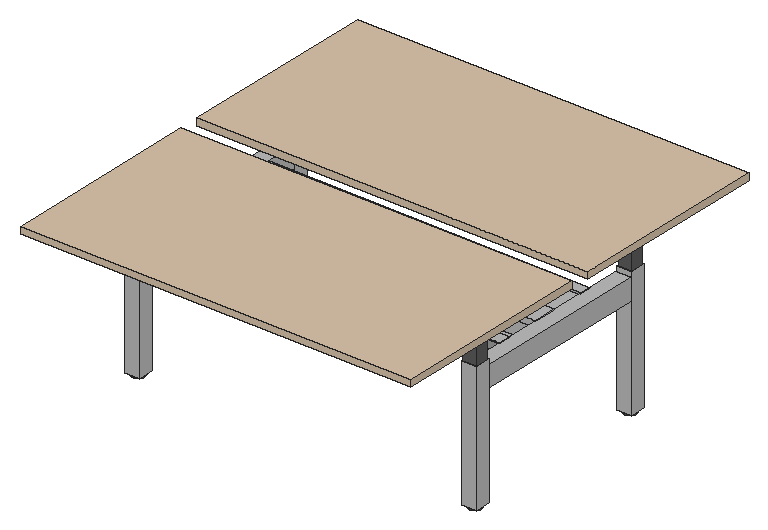
Revit family "Haworth_Planes_HeightAdjustBench_DualSided", category Furniture Systems, Revit 2018
Family settings
  Round Connector Dimension = Use Diameter
  Part Type = Normal
  OmniClass Number = 23.40.70.14.64.21
  OmniClass Title = Systems Furniture
  Work Plane-Based = No
  Always vertical = Yes
  Cut with Voids When Loaded = No
  Shared = No
  Room Calculation Point = No
Parameters (values of type "70w 36d - Electric Adjustment")
  Worksurface Distance = 3 5/8"  # constant formula
  Warranty = "https://www.haworth.com/resources/product-info/warranties"
  URL - Product = "https://www.haworth.com/products/tables/height-adjustable/planes"
  Trim Finish = Haworth _ Paint _ Metallic Champagne
  Table Finish [instance] = Haworth _ Laminate _ Maple H-AE
  Table Edge Finish [instance] = Haworth _ Laminate _ Maple H-AE
  Actual Overall Depth = (Actual Depth * 2) + Worksurface Distance  # 75 5/8"
  Standard Worksurface Depth = "23, 24, 29, 30, 35 & 36 in."  # constant formula
  Model = "TARA"  # constant formula
  Min. Overall Depth = 51"  # constant formula
  Min. Height = 27"  # constant formula
  Max. Overall Depth = 75"  # constant formula
  Max. Height = 46"  # constant formula
  Lever Depth = 12"  # constant formula
  Leg Side Offset = if(Actual Width < 47", 16 13/16", if(Actual Width < 53", 19 13/16", if(Actual Width < 59", 22 13/16", if(Actual Width < 65", 25 13/16", 28 13/16"))))  # 28 13/16"
  Leg Offset = if(Actual Depth < 35", 10", 16")  # 16"
  Leg Finish [instance] = Haworth _ Paint _ Metallic Champagne
  Knife Edge = not(Edgeband)  # no
  J-Rail Width = Leg Side Offset * 2  # 57 5/8"
  J-Rail Height = 22 5/8"  # constant formula
  Height = 31"
  Hand Crank = no
  Gap Depth = Worksurface Distance / 2  # 1 13/16"
  Electric Adjustment = yes
  Edgeband = yes
  Description = "Haworth - Planes HAT Bench - Dual-Sided - 70w 36d - Electric Adjustment"
  Width = 70"
  URL = "www.haworth.com"
  Table Thickness = 1 3/16"  # constant formula
  Size = "Verify Final Dim. w/ Haworth"  # constant formula
  Revision Number = "2"  # constant formula
  Min/Max Width = "46-70 in. @ 6 in. increment"  # constant formula
  Standard Overall Depth = "51, 63, 75 in."  # constant formula
  Min. Width = 46"  # constant formula
  Max. Width = 70"  # constant formula
  Min. Depth = 23"  # constant formula
  Max. Depth = 36"  # constant formula
  Manufacturer = "Haworth"  # constant formula
  Leg Height = Actual Height - Table Thickness  # 29 13/16"
  Depth = 36"
  Custom Size = not(and(or(Depth = 23", Depth = 24", Depth = 29", Depth = 30", Depth = 35", Depth = 36"), or(Width = 46", Width = 52", Width = 58", Width = 64", Width = 70")))  # no
  Crank Offset = 13 1/8"  # constant formula
  Box Body Finish = Haworth _ Paint _ Black
  Base Tube Finish = Haworth _ Paint _ Black
  Author = "Haworth (Hampton, Alias)"  # constant formula
  Assembly Code = "E2020200"
  Actual Width = if(Width < Min. Width, Min. Width, if(Width > Max. Width, Max. Width, Width))  # 70"
  Actual Height = if(Height > Max. Height, Max. Height, if(Height < Min. Height, Min. Height, Height))  # 31"
  Actual Depth = if(Depth > Max. Depth, Max. Depth, if(Depth < Min. Depth, Min. Depth, Depth))  # 36"
Types (4): name | Actual Overall Depth | Leg Side Offset | Leg Offset | J-Rail Width | Hand Crank | Electric Adjustment | Description | Width | Depth | Actual Width | Actual Depth
  70w 36d - Electric Adjustment | 75 5/8" | 28 13/16" | 16" | 57 5/8" | no | yes | "Haworth - Planes HAT Bench - Dual-Sided - 70w 36d - Electric Adjustment" | 70" | 36" | 70" | 36"
  70w 36d - Crank Adjustment | 75 5/8" | 28 13/16" | 16" | 57 5/8" | yes | no | "Haworth - Planes HAT Bench - Dual-Sided - 70w 36d - Crank Adjustment" | 70" | 36" | 70" | 36"
  46w 24d - Crank Adjustment | 51 5/8" | 16 13/16" | 10" | 33 5/8" | yes | no | "Haworth - Planes HAT Bench - Dual-Sided - 46w 24d - Crank Adjustment" | 46" | 24" | 46" | 24"
  58w 30d - Electric Adjustment | 63 5/8" | 22 13/16" | 10" | 45 5/8" | no | yes | "Haworth - Planes HAT Bench - Dual-Sided - 58w 30d - Electric Adjustment" | 58" | 30" | 58" | 30"
Reference planes (in)
  plane 1 "Bottom": z = 0
  plane 2 "Top": z = 31
  plane 3 "Top Bottom": z = 29.8125
  plane 4 "Support Top": z = 22.625
  plane 5 "Left End": x = -24.33391
  plane 6 "Right End": x = 45.66609
  plane 7: x = -20.58391
  plane 8: x = -18.45891
  plane 9 "Center FB": y = 7.37456
  plane 10: y = 9.18706
  plane 11 "Electric Back": y = 43.18706
  plane 12: y = 5.56206
  plane 13 "Electric Front": y = -28.43794
  plane 14 "Left Leg L": x = -20.89641
  plane 15 "Left Leg R": x = -18.14641
  plane 16 "Right Leg R": x = 42.22859
  plane 17 "Right Leg L": x = 39.47859
  plane 18 "Center LR": x = 10.66609
  plane 19: x = 41.91609
  plane 20: x = 39.79109
  plane 21 "Support Bottom": z = 18.875
  plane 22 "Leg Back": y = 23.37456
  plane 23 "Leg Front": y = -8.62544
  plane 24 "Front Edge": y = -30.43794
  plane 25 "Back Edge": y = 45.18706
Forms (in)
  Extrusion 1, solid, material "Haworth _ Paint _ Black" <- "Box Body Finish", visible <- "Electric Adjustment"
    sketch origin (4.36905, -13.93794, 2) x (0, 1, 0) y (0, 0, 1)
      loop
        line (-14.5, 27.8125) -> (-15.18347, 27.12903) -> (-15.09644, 27.04201) -> (-14.79741, 27.34104) -> (-13.40608, 27.34104) -> (-13.40608, 27.8125) -> (-14.5, 27.8125)
    from 35.42204 to 37.54704
  Extrusion 2, solid, material "Haworth _ Paint _ Black" <- "Box Body Finish", visible <- "Electric Adjustment"
    sketch origin (14.5526, 31.68706, 2) x (0, -1, 0) y (0, 0, 1)
      loop
        line (-11.5, 27.8125) -> (-12.18347, 27.12903) -> (-12.09644, 27.04201) -> (-11.79741, 27.34104) -> (-10.40608, 27.34104) -> (-10.40608, 27.8125) -> (-11.5, 27.8125)
    from 33.01151 to 35.13651
  Extrusion 3, solid, material "Haworth _ Paint _ Metallic Champagne" <- "Leg Finish"
    sketch origin (0, -16.10156, -1) x (-1, 0, 0) y (0, 0, -1)
      loop
        line (-39.47859, -19.875) -> (-42.22859, -19.875) -> (-42.22859, -23.625) -> (-39.47859, -23.625) -> (-39.47859, -19.875)
    from -39.47612 to -7.47612
  Extrusion 4, solid, material "Haworth _ Paint _ Metallic Champagne" <- "Leg Finish"
    sketch origin (0, 0, -4.6785) x (1, 0, 0) y (0, 1, 0)
      loop
        line (-20.89641, 23.37456) -> (-20.89641, -8.62544) -> (-18.14641, -8.62544) -> (-18.14641, 23.37456) -> (-20.89641, 23.37456)
    from 23.5535 to 27.3035
  Extrusion 5, solid, material "Haworth _ Paint _ Black" <- "Box Body Finish", visible <- "Electric Adjustment", not visible
    sketch origin (-4.44345, -16.98158, -0.01135) x (0, 1, 0) y (0, 0, 1)
      loop
        line (-14.5, 27.8125) -> (-15.18347, 27.12903) -> (-15.09644, 27.04201) -> (-14.79741, 27.34104) -> (-13.40608, 27.34104) -> (-13.40608, 27.8125) -> (-14.5, 27.8125)
    from 35.42204 to 37.54704
  Extrusion 6, solid, material "Haworth _ Paint _ Black" <- "Box Body Finish", visible <- "Electric Adjustment", not visible
    sketch origin (11.3651, 16.96848, 0.00477) x (0, -1, 0) y (0, 0, 1)
      loop
        line (-11.5, 27.8125) -> (-12.18347, 27.12903) -> (-12.09644, 27.04201) -> (-11.79741, 27.34104) -> (-10.40608, 27.34104) -> (-10.40608, 27.8125) -> (-11.5, 27.8125)
    from 33.01151 to 35.13651
Lines and regions (in)
  symbolic lines, style "Haworth Hidden", visible <- "Electric Adjustment", detail levels medium+fine
    curve 1: line (-20.58391, 43.87052, 0) -> (-18.45891, 43.87052, 0)
    curve 2: line (-20.58391, 42.09314, 0) -> (-20.58391, 43.87052, 0)
    curve 3: line (-18.45891, 42.09314, 0) -> (-20.58391, 42.09314, 0)
    curve 4: line (-18.45891, 43.87052, 0) -> (-18.45891, 42.09314, 0)
    curve 5: line (39.79109, -27.34402, 0) -> (41.91609, -27.34402, 0)
    curve 6: line (39.79109, -29.12141, 0) -> (39.79109, -27.34402, 0)
    curve 7: line (41.91609, -29.12141, 0) -> (39.79109, -29.12141, 0)
    curve 8: line (41.91609, -27.34402, 0) -> (41.91609, -29.12141, 0)
Dimensions and locks (in)
  "Actual Height": plane 2 "Top" to level
  "Table Thickness": plane 2 "Top" to plane 3 "Top Bottom"
  "Actual Width": plane 5 "Left End" to plane 6 "Right End"
  "Gap Depth": plane 10 to plane 9 "Center FB"
  "Gap Depth": plane 9 "Center FB" to plane 12
  equal spacing: plane 5 "Left End", plane 18 "Center LR", plane 6 "Right End"
  "Leg Offset": plane 22 "Leg Back" to plane 9 "Center FB"
  "Leg Offset": plane 9 "Center FB" to plane 23 "Leg Front"
  "Leg Side Offset": plane 15 "Left Leg R" to plane 18 "Center LR"
  "Leg Side Offset": plane 18 "Center LR" to plane 17 "Right Leg L"
  "Actual Depth": plane 25 "Back Edge" to plane 10
  "Actual Depth": plane 24 "Front Edge" to plane 12
  locked: plane 24 "Front Edge" to plane 13 "Electric Front" at 2
  locked: plane 25 "Back Edge" to plane 11 "Electric Back" at 2
  plane 14 "Left Leg L" to plane 7 to plane 8 to plane 15 "Left Leg R" = 5/16" locked, 2 1/8" locked, 5/16" locked
  plane 17 "Right Leg L" to plane 20 to plane 19 to plane 16 "Right Leg R" = 5/16" locked, 2 1/8" locked, 5/16" locked
  locked: plane 4 "Support Top" to plane 21 "Support Bottom" at 3.75
  "J-Rail Height": plane 4 "Support Top" to plane 1 "Bottom"
  aligned and locked: Extrusion 2 to plane 7
  aligned and locked: plane 8 to Extrusion 2
  aligned and locked: Extrusion 1 to plane 13 "Electric Front"
  aligned and locked: plane 11 "Electric Back" to Extrusion 2
  aligned and locked: plane 15 "Left Leg R" to Extrusion 4
  aligned and locked: Extrusion 4 to plane 14 "Left Leg L"
  aligned and locked: plane 17 "Right Leg L" to Extrusion 3
  aligned and locked: plane 16 "Right Leg R" to Extrusion 3
  aligned and locked: plane 20 to Extrusion 1
  aligned and locked: Extrusion 1 to plane 19
  aligned and locked: plane 7 to Extrusion 2  (x2)
  aligned and locked: Extrusion 2 to plane 8  (x2)
  aligned and locked: plane 19 to Extrusion 1
  aligned and locked: Extrusion 1 to plane 20
  aligned and locked: plane 4 "Support Top" to Extrusion 3
  aligned and locked: Extrusion 4 to Extrusion 3
  aligned and locked: plane 1 "Bottom" to nested 2
  aligned and locked: plane 1 "Bottom" to nested 1
  aligned and locked: plane 18 "Center LR" to nested 2
  aligned and locked: plane 9 "Center FB" to nested 2
  aligned and locked: plane 21 "Support Bottom" to Extrusion 3
  aligned and locked: nested 3 to plane 1 "Bottom"
  aligned and locked: nested 4 to plane 1 "Bottom"
  aligned and locked: plane 22 "Leg Back" to Extrusion 3
  aligned and locked: plane 23 "Leg Front" to Extrusion 3
  aligned and locked: plane 22 "Leg Back" to Extrusion 4
  aligned and locked: plane 23 "Leg Front" to Extrusion 4
  aligned and locked: plane 1 "Bottom" to nested 5
  aligned and locked: plane 4 "Support Top" to Extrusion 4
  aligned and locked: plane 1 "Bottom" to nested 6
  aligned and locked: nested 6 to plane 12
  aligned and locked: nested 7 to plane 1 "Bottom"
  aligned and locked: plane 10 to nested 7
  aligned and locked: nested 7 to plane 18 "Center LR"
  aligned and locked: plane 18 "Center LR" to nested 6
  aligned and locked: nested 1 to plane 23 "Leg Front"
  aligned and locked: plane 23 "Leg Front" to nested 3
  aligned and locked: nested 5 to plane 22 "Leg Back"
  aligned and locked: plane 22 "Leg Back" to nested 4
  aligned and locked: plane 17 "Right Leg L" to nested 3
  aligned and locked: plane 15 "Left Leg R" to nested 1
  aligned and locked: nested 5 to plane 17 "Right Leg L"
  aligned and locked: nested 4 to plane 15 "Left Leg R"
  aligned and locked: curve 1 to Extrusion 2
  aligned and locked: curve 2 to Extrusion 2
  aligned and locked: curve 3 to Extrusion 2
  aligned and locked: curve 4 to Extrusion 2
  aligned and locked: curve 5 to Extrusion 1
  aligned and locked: curve 6 to Extrusion 1
  aligned and locked: curve 7 to Extrusion 1
  aligned and locked: curve 8 to Extrusion 1
  aligned and locked: plane 3 "Top Bottom" to Extrusion 1
  aligned and locked: plane 3 "Top Bottom" to Extrusion 2
Automatic sketch dimensions
  Extrusion 1 sketch curve to Extrusion 1 sketch curve = 0.29903"
  Extrusion 1 sketch curve to Extrusion 1 sketch curve = 0.08703"
  Extrusion 1 sketch curve to Extrusion 1 sketch curve = 0.47146"
  Extrusion 2 sketch curve to Extrusion 2 sketch curve = 0.29903"
  Extrusion 2 sketch curve to Extrusion 2 sketch curve = 0.08703"
  Extrusion 2 sketch curve to Extrusion 2 sketch curve = 0.47146"
  Extrusion 1 sketch curve to Extrusion 1 sketch curve = 1.09392"
  Extrusion 2 sketch curve to Extrusion 2 sketch curve = 1.09392"
  Extrusion 1 sketch curve to Extrusion 1 sketch curve = 0.29741"
  Extrusion 5 sketch curve to Extrusion 5 sketch curve = 0.29903"
  Extrusion 5 sketch curve to Extrusion 5 sketch curve = 0.08703"
  Extrusion 5 sketch curve to Extrusion 5 sketch curve = 0.47146"
  Extrusion 5 sketch curve to Extrusion 5 sketch curve = 1.09392"
  Extrusion 5 sketch curve to Extrusion 5 sketch curve = 0.29741"
  Extrusion 2 sketch curve to Extrusion 2 sketch curve = 0.29741"
  Extrusion 6 sketch curve to Extrusion 6 sketch curve = 0.29903"
  Extrusion 6 sketch curve to Extrusion 6 sketch curve = 0.08703"
  Extrusion 6 sketch curve to Extrusion 6 sketch curve = 0.47146"
  Extrusion 6 sketch curve to Extrusion 6 sketch curve = 1.09392"
  Extrusion 6 sketch curve to Extrusion 6 sketch curve = 0.29741"
  Extrusion 3 sketch curve to plane 16 "Right Leg R" = 0"
  Extrusion 3 sketch curve to plane 4 "Support Top" = 0"
  plane 17 "Right Leg L" to Extrusion 3 sketch curve = 0"
  Extrusion 4 sketch curve to plane 14 "Left Leg L" = 0"
  Extrusion 4 sketch curve to plane 15 "Left Leg R" = 0"
  plane 10 to Extrusion 4 sketch curve = 14 3/16"
  plane 12 to Extrusion 4 sketch curve = 14 3/16"
  Extrusion 3 sketch curve to plane 21 "Support Bottom" = 0"
Nested families (in)
  nested 1: "Haworth_Support-Height_Adjustable_Leg_Centered_Part" at (-19.52141, -10.00044, 0), type "Leg w/o Crank"
    with Leg Height 29 13/16"
  nested 2: "Haworth_Planes_J-Rail_Part" at (0, 0, 0), type "J Rail"
    with Actual Width 57 5/8", Actual Height 22 5/8"
  nested 3: "Haworth_Support-Height_Adjustable_Leg_Centered_Part" at (40.85359, -10.00044, 0) x (-1, 0, 0) z (0, 0, 1), type "Leg w/ Crank"
    with Lever Depth 12", Leg Height 29 13/16", Crank Offset 13 1/8"
  nested 4: "Haworth_Support-Height_Adjustable_Leg_Centered_Part" at (-19.52141, 24.74956, 0), type "Leg w/ Crank"
    with Lever Depth 12", Leg Height 29 13/16", Crank Offset 13 1/8"
  nested 5: "Haworth_Support-Height_Adjustable_Leg_Centered_Part" at (40.85359, 24.74956, 0) x (-1, 0, 0) z (0, 0, 1), type "Leg w/o Crank"
    with Leg Height 29 13/16"
  nested 6: "Haworth_Planes_Worksurface_Rectangular_Part" at (10.66609, -27.43794, 0), type "Worksurface"
    with Actual Width 70", Actual Height 31", Actual Depth 36"
  nested 7: "Haworth_Planes_Worksurface_Rectangular_Part" at (10.66609, 42.18706, 0), type "Worksurface"
    with Actual Width 70", Actual Height 31", Actual Depth 36"
Definition of nested family "Haworth_Support-Height_Adjustable_Leg_Centered_Part"
  Parameters (values of type "Leg w/ Crank")
    URL = "www.haworth.com"
    Trim Finish = none
    Top Support Front = 7 3/4"  # constant formula
    Top Support Back = 7 3/4"  # constant formula
    Note = "Verify Final Dim. w/ Haworth"  # constant formula
    Manufacturer = "Haworth"  # constant formula
    Lever Depth = 8"
    Leg Height = 27 13/16"
    Leg Finish = none
    Hardware Finish = none
    Glide Finish = none
    Crank Offset = 11 1/8"
    Crank = no
    Base Tube Finish = none
    Assembly Code = ""
  Reference planes (in)
    plane 1 "Center (Front/Back)": y = 0
    plane 2 "Bottom": z = 0
    plane 3 "Center (Left/Right)": x = 0
    plane 4 "Bottom of Top": z = 27.8125
    plane 5: z = 0.375
    plane 6: x = 1.375
    plane 7: x = -1.375
    plane 8: x = -1.5
    plane 9 "Support Bottom": z = 25.1875
    plane 10: z = 27.5
    plane 11: y = -7.75
    plane 12 "Top of Leg": z = 23.5
    plane 13: y = 7.75
    plane 14: y = 1.375
    plane 15: y = -1.375
    plane 16 "Crank Offset": y = -11.125
  Forms (in)
    Extrusion 1, solid, material <- "Leg Finish"
      sketch origin (0, 0, 2.5625) x (-1, 0, 0) y (0, -1, 0)
        loop
          line (1.375, -1.375) -> (1.375, 1.375) -> (-1.375, 1.375) -> (-1.375, -1.375) -> (1.375, -1.375)
      from -2.1875 to 20.9375
    Extrusion 2, solid, material <- "Leg Finish"
      sketch origin (-1.375, -19.87459, 48) x (0, -1, 0) y (0, 0, -1)
        loop
          line (-12.12459, 20.1875) -> (-12.12459, 20.5) -> (-17.12459, 22.8125) -> (-22.62459, 22.8125) -> (-27.62459, 20.5) -> (-27.62459, 20.1875) -> (-12.12459, 20.1875)
      from 0 to -0.125
    Extrusion 3, solid, material <- "Base Tube Finish"
      sketch origin (0, 0, 2.5625) x (-1, 0, 0) y (0, -1, 0)
        loop
          line (1.1875, -1.1875) -> (1.1875, 1.1875) -> (-1.1875, 1.1875) -> (-1.1875, -1.1875) -> (1.1875, -1.1875)
      from 20.9375 to 25.25
    Extrusion 4, solid, material <- "Glide Finish"
      sketch origin (0, 0, 0) x (1, 0, 0) y (0, 1, 0)
        loop
          circle (0, 0) r 1.12816
      from 0 to 0.375
  Lines and regions (in)
    symbolic lines, detail levels medium+fine
      curve 1: line (-1.375, 1.375, 0) -> (1.375, 1.375, 0)
      curve 2: line (-1.375, -1.375, 0) -> (-1.375, 1.375, 0)
      curve 3: line (1.375, -1.375, 0) -> (-1.375, -1.375, 0)
      curve 4: line (1.375, 1.375, 0) -> (1.375, -1.375, 0)
  Dimensions and locks (in)
    "Leg Height": plane 4 "Bottom of Top" to level
    level to plane 5 = 3/8"
    locked: plane 7 to plane 6 at 2.75
    locked: plane 8 to plane 3 "Center (Left/Right)" at 1.5
    equal spacing: plane 7, plane 3 "Center (Left/Right)", plane 6
    locked: plane 4 "Bottom of Top" to plane 9 "Support Bottom" at 2.625
    plane 12 "Top of Leg" to level = 23 1/2"
    "Top Support Front": plane 11 to plane 1 "Center (Front/Back)"
    "Top Support Back": plane 1 "Center (Front/Back)" to plane 13
    locked: plane 4 "Bottom of Top" to plane 10 at 0.3125
    equal spacing: plane 14, plane 1 "Center (Front/Back)", plane 15
    locked: plane 14 to plane 15 at 2.75
    locked: plane 12 "Top of Leg" to plane 2 "Bottom" at 23.5
    locked: Extrusion 3 sketch curve to plane 14 at 0.1875
    locked: Extrusion 3 sketch curve to plane 15 at 0.1875
    locked: Extrusion 3 sketch curve to plane 6 at 0.1875
    locked: plane 7 to Extrusion 3 sketch curve at 0.1875
    "Crank Offset": plane 1 "Center (Front/Back)" to plane 16 "Crank Offset"
    aligned and locked: plane 7 to Extrusion 1 sketch curve
    aligned and locked: Extrusion 1 sketch curve to plane 6
    aligned: plane 4 "Bottom of Top" to Extrusion 1
    aligned and locked: Extrusion 2 sketch curve to plane 4 "Bottom of Top"
    aligned and locked: plane 4 "Bottom of Top" to Extrusion 3
    aligned and locked: plane 5 to Extrusion 1
    aligned and locked: Extrusion 2 to plane 11
    aligned and locked: plane 13 to Extrusion 2 sketch curve
    aligned and locked: plane 10 to Extrusion 2 sketch curve  (x2)
    aligned and locked: curve 4 to plane 6
    aligned and locked: plane 7 to curve 2
    aligned and locked: plane 7 to Extrusion 2
    aligned and locked: Extrusion 2 to plane 8
    aligned and locked: Extrusion 4 to plane 5
    aligned and locked: Extrusion 1 to plane 5
    aligned and locked: plane 12 "Top of Leg" to Extrusion 1
    aligned and locked: Extrusion 3 to plane 12 "Top of Leg"
    aligned and locked: Extrusion 1 sketch curve to plane 14
    aligned and locked: plane 15 to Extrusion 1 sketch curve
    aligned and locked: nested 1 to plane 16 "Crank Offset"
    aligned and locked: plane 3 "Center (Left/Right)" to nested 1
    aligned and locked: plane 9 "Support Bottom" to Extrusion 2 sketch curve
  Automatic sketch dimensions
    plane 3 "Center (Left/Right)" to Extrusion 4 sketch curve = 0"
    plane 1 "Center (Front/Back)" to Extrusion 4 sketch curve = 0"
    plane 1 "Center (Front/Back)" to curve 3 = 1 3/8"
    curve 2 to plane 1 "Center (Front/Back)" = 1 3/8"
    Extrusion 2 sketch curve to plane 11 = 0"
    Extrusion 2 sketch curve to plane 14 = 1 3/8"
    plane 15 to Extrusion 2 sketch curve = 1 3/8"
    radius of Extrusion 4 sketch curve = 1.12816"
  Nested families (in)
    nested 1: "Haworth_Planes-HAT-Crank_Part" at (0, -14.72244, 27.8125), built-in parameter 1001364 <- "Leg Height", visible <- "Crank", type "Crank"
      with Bracket Width 1 1/4"
  Definition of nested family "Haworth_Planes-HAT-Crank_Part"
    Parameters (values of type "Crank")
      Trim Finish = none
      Support Finish = none
      Lever Depth = 8"
      Hardware Finish = none
      Bracket Width [instance] = 1 1/4"  # constant formula
      Assembly Code = ""
    Reference planes (in)
      plane 1: z = 0
      plane 2 "Center L/R": x = 0
      plane 3 "Left": x = -0.625
      plane 4 "Right": x = 0.625
      plane 5 "Bar Front": y = 6.72736
      plane 6 "Bar Back": y = 14.72736
      plane 7 "Crank Back": y = 6.09744
      plane 8 "Crank Front": y = 5.59744
      plane 9 "Knob Front": y = 3.59744
      plane 10 "Knob Middle": z = -5.57716
      plane 11 "Bar Middle": z = -1.24016
    Forms (in)
      Extrusion 1, solid, material <- "Support Finish"
        sketch origin (0, 0, 0) x (0, 1, 0) y (0, 0, 1)
          loop
            line (5.47112, 0) -> (5.47112, -0.125) -> (6.74381, -0.125) -> (6.74381, -1.875) -> (9.49381, -1.875) -> (9.49381, -0.125) -> (13.57086, -0.125) -> (13.57086, -1.875) -> (14.94586, -1.875) -> (14.94586, -1.75) -> (13.69586, -1.75) -> (13.69586, 0) -> (9.36881, 0) -> (9.36881, -1.75) -> (6.86881, -1.75) -> (6.86881, 0) -> (5.47112, 0)
        from -0.625 to 0.625
      Extrusion 2, solid, material <- "Hardware Finish"
        sketch origin (0, 6.09744, 0) x (0, 0, -1) y (1, 0, 0)
          loop
            line (1.24016, -0.43307) -> (5.58894, -0.28152)
            arc (5.58894, -0.28152) -> (5.86265, 0.00389) -> (5.58109, 0.28155) r 0.28159
            line (5.58109, 0.28155) -> (1.24016, 0.43307)
            arc (1.24016, 0.43307) -> (0.80709, 0) -> (1.24016, -0.43307) r 0.43307
        from 0 to 0.5
      Revolve 3, solid, material <- "Trim Finish"
        sketch origin (0, 0, 0) x (0, 1, 0) y (0, 0, 1)
          loop
            line (5.59744, -5.57716) -> (5.59744, -5.2397) -> (4.79831, -5.15571) -> (3.59744, -5.15571) -> (3.59744, -5.57716) -> (5.59744, -5.57716)
          axis (3.59744, -5.57716) -> (5.59744, -5.57716)
        angle from 0 to 360
      Revolve 4, solid, material <- "Hardware Finish"
        sketch origin (0, 0, 0) x (0, 1, 0) y (0, 0, 1)
          loop
            line (6.09744, -0.80709) -> (6.09744, -1.24016) -> (6.72736, -1.24016) -> (6.72736, -0.90551) -> (6.58317, -0.83827) -> (6.09744, -0.80709)
          axis (6.09744, -1.24016) -> (6.72736, -1.24016)
        angle from 0 to 360
      Extrusion 5, solid, material <- "Hardware Finish"
        sketch origin (0, 6.09744, 0) x (0, 0, -1) y (1, 0, 0)
          loop
            circle (1.24016, 0) r 0.25
        from -8.62992 to -0.62992
    Lines and regions (in)
      symbolic lines, detail levels medium+fine
        curve 1: line (0.42145, 3.59744, 0) -> (0.42145, 4.79831, 0)
        curve 2: line (0.42145, 4.79831, 0) -> (0.28155, 5.59744, 0)
        curve 3: line (0.28155, 5.59744, 0) -> (0.28155, 14.72736, 0)
        curve 4: line (-0.42145, 3.59744, 0) -> (-0.42145, 4.79831, 0)
        curve 5: line (-0.42145, 4.79831, 0) -> (-0.28155, 5.59744, 0)
        curve 6: line (-0.28155, 5.59744, 0) -> (-0.28155, 14.72736, 0)
        curve 7: line (-0.42145, 3.59744, 0) -> (0.42145, 3.59744, 0)
        curve 8: line (-0.28155, 14.72736, 0) -> (0.28155, 14.72736, 0)
    Dimensions and locks (in)
      equal spacing: plane 3 "Left", plane 2 "Center L/R", plane 4 "Right"
      "Bracket Width": plane 3 "Left" to plane 4 "Right"
      "Lever Depth": plane 5 "Bar Front" to plane 6 "Bar Back"
      locked: plane 7 "Crank Back" to plane 5 "Bar Front" at 0.62992
      locked: plane 8 "Crank Front" to plane 7 "Crank Back" at 0.5
      locked: plane 9 "Knob Front" to plane 8 "Crank Front" at 2
      aligned and locked: level to plane 1
      aligned and locked: Extrusion 1 to plane 3 "Left"
      aligned and locked: Extrusion 1 to plane 4 "Right"
      aligned and locked: Extrusion 2 to plane 7 "Crank Back"
      aligned and locked: plane 8 "Crank Front" to Extrusion 2
      aligned and locked: Revolve 3 sketch curve to plane 10 "Knob Middle"
      aligned and locked: Revolve 4 sketch curve to plane 11 "Bar Middle"
      aligned and locked: plane 5 "Bar Front" to Extrusion 5
      aligned and locked: Extrusion 5 to plane 6 "Bar Back"
      aligned and locked: plane 6 "Bar Back" to curve 8
    Automatic sketch dimensions
      Extrusion 5 sketch curve to plane 2 "Center L/R" = 0"
      Extrusion 5 sketch curve to plane 11 "Bar Middle" = 0"
      Extrusion 1 sketch curve to level = 0"  (x2)
      plane 8 "Crank Front" to Extrusion 1 sketch curve = 0.12632"
      Extrusion 1 sketch curve to plane 5 "Bar Front" = 0.01645"
      Extrusion 1 sketch curve to plane 5 "Bar Front" = 0.14145"
      Extrusion 1 sketch curve to plane 11 "Bar Middle" = 0.50984"
      Extrusion 1 sketch curve to Extrusion 1 sketch curve = 2 1/2"
      Extrusion 1 sketch curve to Extrusion 1 sketch curve = 1/8"  (x4)
      Extrusion 1 sketch curve to plane 11 "Bar Middle" = 0.63484"
      Extrusion 1 sketch curve to Extrusion 1 sketch curve = 4.07706"
      Extrusion 1 sketch curve to Extrusion 1 sketch curve = 1 1/4"
      Extrusion 1 sketch curve to level = 1/8"  (x2)
      Extrusion 2 sketch curve to plane 11 "Bar Middle" = 0"
      Extrusion 2 sketch curve to plane 10 "Knob Middle" = 1/256"
      Extrusion 2 sketch curve to plane 10 "Knob Middle" = 0.01178"
      plane 3 "Left" to Extrusion 2 sketch curve = 0.19193"
      Extrusion 2 sketch curve to plane 2 "Center L/R" = 0.28152"
      Extrusion 2 sketch curve to plane 2 "Center L/R" = 0.00004"
      Extrusion 2 sketch curve to plane 2 "Center L/R" = 0"
      Revolve 3 sketch curve to plane 9 "Knob Front" = 0"
      Revolve 3 sketch curve to plane 8 "Crank Front" = 0"
      Revolve 3 sketch curve to plane 10 "Knob Middle" = 0"
      plane 9 "Knob Front" to Revolve 3 sketch curve = 0.27802"
      plane 8 "Crank Front" to Revolve 3 sketch curve = 0.79913"
      plane 5 "Bar Front" to Revolve 3 sketch curve = 0.14411"
      Revolve 3 sketch curve to Revolve 3 sketch curve = 0.33746"
      plane 10 "Knob Middle" to Revolve 3 sketch curve = 0.42145"
      Revolve 4 sketch curve to plane 8 "Crank Front" = 0"
      Revolve 4 sketch curve to plane 7 "Crank Back" = 0"
      Revolve 4 sketch curve to plane 5 "Bar Front" = 0"
      Revolve 4 sketch curve to plane 11 "Bar Middle" = 0"
      plane 5 "Bar Front" to Revolve 4 sketch curve = 0.14419"
      Revolve 4 sketch curve to plane 6 "Bar Back" = 1.79885"
      Revolve 4 sketch curve to Revolve 4 sketch curve = 0.33465"
      Revolve 4 sketch curve to Revolve 4 sketch curve = 0.06724"
      Revolve 4 sketch curve to Revolve 4 sketch curve = 0.43307"
      plane 9 "Knob Front" to curve 7 = 0"
      plane 8 "Crank Front" to curve 6 = 0"
      plane 8 "Crank Front" to curve 2 = 0"
      plane 3 "Left" to curve 5 = 0.20355"
      curve 6 to plane 2 "Center L/R" = 0.28155"
      plane 2 "Center L/R" to curve 2 = 0.28155"
      plane 4 "Right" to curve 7 = 0.20355"
      plane 8 "Crank Front" to curve 5 = 0.79913"
      plane 8 "Crank Front" to curve 2 = 0.79913"
      radius of Extrusion 5 sketch curve = 1/4"
Definition of nested family "Haworth_Planes_J-Rail_Part"
  Parameters (values of type "J Rail")
    Warranty = "https://www.haworth.com/resources/product-info/warranties"
    URL - Product = "https://www.haworth.com/products/tables/height-adjustable/planes"
    Model = "Haworth Planes"  # constant formula
    Leg Finish = none
    Description = "Haworth J-Rail - Part"
    URL = "www.haworth.com"
    Size = "Verify Final Dim. w/ Haworth"  # constant formula
    Revision Number = "1"  # constant formula
    Manufacturer = "Haworth"  # constant formula
    Author = "Haworth (Alias)"  # constant formula
    Assembly Code = "E2020200"
    Actual Width = 64"
    Actual Height = 17 35/128"
  Reference planes (in)
    plane 1: z = 0
    plane 2: y = 7.37456
    plane 3: x = -21.33391
    plane 4: x = 42.66609
    plane 5: x = 10.66609
    plane 6 "Bottom": z = 0
    plane 7 "Top": z = 17.27344
    plane 8: z = 17.02344
    plane 9: z = 13.15063
    plane 10: z = 16.14868
    plane 11: z = 13.40063
    plane 12: z = 11.80068
    plane 13: z = 11.55068
    plane 14: z = 16.39868
  Forms (in)
    Extrusion 1, solid, material <- "Leg Finish"
      sketch origin (-23.71454, 7.37456, -1) x (0, 1, 0) y (0, 0, 1)
        loop
          line (-10.10156, 18.27344) -> (-10.10156, 18.02344) -> (-8.17155, 18.02344) -> (-8.17155, 17.92282) -> (-6.57035, 14.15063) -> (-1.5625, 14.15063) -> (-1.5625, 17.39868) -> (-1.8125, 17.39868) -> (-1.8125, 18.02344) -> (1.8125, 18.02344) -> (1.8125, 17.39868) -> (1.5625, 17.39868) -> (1.5625, 14.15063) -> (6.57035, 14.15063) -> (8.17155, 17.92282) -> (8.17155, 18.02344) -> (10.10156, 18.02344) -> (10.10156, 18.27344) -> (7.92155, 18.27344) -> (7.92155, 17.97368) -> (6.40488, 14.40063) -> (1.8125, 14.40063) -> (1.8125, 17.14868) -> (2.0625, 17.14868) -> (2.0625, 18.27344) -> (-2.0625, 18.27344) -> (-2.0625, 17.14868) -> (-1.8125, 17.14868) -> (-1.8125, 14.40063) -> (-6.40488, 14.40063) -> (-7.92155, 17.97368) -> (-7.92155, 18.27344) -> (-10.10156, 18.27344)
      from 2.38063 to 66.38063
    Extrusion 2, solid, material <- "Leg Finish"
      sketch origin (-6, 7.37456, -1) x (0, 1, 0) y (0, 0, 1)
        loop
          line (-1.964, 14.15063) -> (-2.214, 14.15063) -> (-2.214, 12.55068) -> (2.214, 12.55068) -> (2.214, 14.15063) -> (1.964, 14.15063) -> (1.964, 12.80068) -> (-1.964, 12.80068) -> (-1.964, 14.15063)
      from -15.33391 to 48.66609
  Lines and regions (in)
    Masking region 1, detail levels medium+fine
      outline origin (0, 0, 0) x (1, 0, 0) y (0, 1, 0)
        loop
          line (-21.33391, 17.47612) -> (-21.33391, -2.727) -> (42.66609, -2.727) -> (42.66609, 17.47612) -> (-21.33391, 17.47612)
    symbolic lines, detail levels medium+fine
      curve 1: line (-21.33391, 5.16056, 0) -> (42.66609, 5.16056, 0)
      curve 2: line (42.66609, 9.58856, 0) -> (-21.33391, 9.58856, 0)
  Dimensions and locks (in)
    equal spacing: plane 3, plane 5, plane 4
    "Actual Width": plane 3 to plane 4
    "Actual Height": plane 7 "Top" to plane 6 "Bottom"
    plane 7 "Top" to plane 8 to plane 14 to plane 10 to plane 11 to plane 9 to plane 12 to plane 13 = 1/4" locked, 0.62476" locked, 1/4" locked, 2.74805" locked, 1/4" locked, 1.34995" locked, 1/4" locked
    aligned and locked: Extrusion 1 to plane 3
    aligned and locked: Extrusion 2 to plane 3
    aligned and locked: plane 4 to Extrusion 1
    aligned and locked: plane 4 to Extrusion 2
    aligned and locked: Extrusion 1 to plane 4
    aligned and locked: Extrusion 1 to Extrusion 2  (x2)
    aligned and locked: plane 7 "Top" to Extrusion 1 sketch curve
    aligned and locked: Extrusion 1 sketch curve to plane 7 "Top"  (x2)
    aligned and locked: plane 8 to Extrusion 1 sketch curve  (x2)
    aligned and locked: Extrusion 1 sketch curve to plane 8
    aligned and locked: plane 14 to Extrusion 1 sketch curve
    aligned and locked: Extrusion 1 sketch curve to plane 14
    aligned and locked: Extrusion 1 sketch curve to plane 10
    aligned and locked: plane 10 to Extrusion 1 sketch curve
    aligned and locked: Extrusion 1 sketch curve to plane 11
    aligned and locked: plane 11 to Extrusion 1 sketch curve
    aligned and locked: plane 9 to Extrusion 1 sketch curve
    aligned and locked: Extrusion 1 sketch curve to plane 9
    aligned and locked: plane 9 to Extrusion 2 sketch curve
    aligned and locked: Extrusion 2 sketch curve to plane 9
    aligned and locked: plane 12 to Extrusion 2 sketch curve
    aligned and locked: plane 13 to Extrusion 2 sketch curve
    aligned and locked: Masking region 1 sketch curve to Extrusion 1  (x4)
  Automatic sketch dimensions
    Extrusion 1 sketch curve to Extrusion 1 sketch curve = 0.16547"  (x2)
    Extrusion 1 sketch curve to Extrusion 1 sketch curve = 1/4"  (x8)
    Extrusion 1 sketch curve to Extrusion 1 sketch curve = 4.59238"
    Extrusion 1 sketch curve to Extrusion 1 sketch curve = 1.51667"
    Extrusion 1 sketch curve to Extrusion 1 sketch curve = 1.93001"  (x2)
    Extrusion 1 sketch curve to Extrusion 1 sketch curve = 0.05086"  (x2)
    Extrusion 1 sketch curve to Extrusion 1 sketch curve = 0.10062"  (x2)
    Extrusion 1 sketch curve to Extrusion 1 sketch curve = 1.3512"
    Extrusion 1 sketch curve to Extrusion 1 sketch curve = 4.34238"
    Extrusion 1 sketch curve to Extrusion 1 sketch curve = 3 1/8"
    Extrusion 2 sketch curve to plane 2 = 2.214"
    Extrusion 2 sketch curve to Extrusion 2 sketch curve = 1/4"  (x2)
    plane 2 to Extrusion 2 sketch curve = 1.964"
    Extrusion 1 sketch curve to plane 2 = 10 13/128"
    curve 2 to plane 3 = 0"
    curve 1 to plane 3 = 0"
    curve 2 to plane 4 = 0"
    curve 1 to plane 4 = 0"
    curve 1 to plane 2 = 2.214"
    plane 2 to curve 2 = 2.214"
Definition of nested family "Haworth_Planes_Worksurface_Rectangular_Part"
  Parameters (values of type "Worksurface")
    Width = 0"
    Warranty = "http://www.haworth.com/resources/product-info/warranties"
    URL - Product = ""
    URL = "www.haworth.com"
    Thickness = 1 3/16"  # constant formula
    Table Finish = none
    Table Edge Finish = none
    Size = "Verify Final Dim. w/ Haworth"  # constant formula
    Revision Number = ""
    Model = "Haworth Planes"
    Manufacturer = "Haworth"  # constant formula
    Knife Edge = no
    Height = 0"
    Edgeband = yes
    Description = "Haworth Planes Worksurface - Part"
    Cutout Width = 8"
    Cutout Offset = 6 87/128"  # constant formula
    Cutout Dimension = if(Cutout, 3", 1")  # 1"
    Cutout Depth = 4"
    Cutout = no
    Author = "SHAPE Environments, LLC"  # constant formula
    Assembly Code = ""
    Actual Width = 60"
    Actual Height = 29"
    Actual Depth = 30"
  Reference planes (in)
    plane 1 "Center F/B": y = 15
    plane 2: z = 0
    plane 3 "Center L/R": x = 0
    plane 4 "Table Front": y = 30
    plane 5 "Table Right": x = 30
    plane 6 "Table Left": x = -30
    plane 7 "Table Back": y = 0
    plane 8 "Table Top": z = 29
    plane 9 "Table Bottom": z = 27.8125
    plane 10 "Cutout Top": z = 30
    plane 11 "Cutout Bottom": z = 29
    plane 12 "Knife Edge Middle": z = 28.625
    plane 13 "Cutout Back": y = 23.32031
    plane 14 "Cutout Front": y = 19.32031
    plane 15 "Cutout Middle": y = 21.32031
  Forms (in)
    Extrusion 1, solid, material <- "Table Finish", visible <- "Edgeband"
      sketch origin (0, 0, 0) x (1, 0, 0) y (0, 1, 0)
        loop
          line (-30, 30) -> (-30, 0) -> (30, 0) -> (30, 30) -> (-30, 30)
      from 27.8125 to 29
    Extrusion 2, solid, material <- "Table Finish", visible <- "Knife Edge"
      sketch origin (0, 0, 0) x (1, 0, 0) y (0, 1, 0)
        loop
          line (-30, 30) -> (-30, 0) -> (30, 0) -> (30, 30) -> (-30, 30)
      from 29 to 28.625
    Extrusion 3, void
      sketch origin (0, 0, 29) x (-1, 0, 0) y (0, -1, 0)
        loop
          line (4, -23.32031) -> (4, -19.32031) -> (-4, -19.32031) -> (-4, -23.32031) -> (4, -23.32031)
      from 0 to 1
    Blend 4, solid, material <- "Table Finish", visible <- "Knife Edge"
      base sketch origin (0, 0, 0) x (1, 0, 0) y (0, 1, 0)
        loop
          line (-30, 30) -> (-30, 2) -> (30, 2) -> (30, 30) -> (-30, 30)
      top sketch origin (0, 0, 0) x (1, 0, 0) y (0, 1, 0)
        loop
          line (-30, 30) -> (-30, 0) -> (30, 0) -> (30, 30) -> (-30, 30)
      from 27.8125 to 28.625
  Cuts and joins
    Extrusion 3 cuts Extrusion 2
    joined: Extrusion 2, Blend 4
    Extrusion 3 cuts Extrusion 1
  Lines and regions (in)
    Masking region 1
      outline origin (0, 0, 0) x (1, 0, 0) y (0, 1, 0)
        loop
          line (-30, 30) -> (-30, 0) -> (30, 0) -> (30, 30) -> (-30, 30)
    symbolic lines, visible <- "Cutout"
      curve 1: line (-4, 23.32031, 0) -> (-4, 19.32031, 0)
      curve 2: line (-4, 19.32031, 0) -> (4, 19.32031, 0)
      curve 3: line (4, 19.32031, 0) -> (4, 23.32031, 0)
      curve 4: line (4, 23.32031, 0) -> (-4, 23.32031, 0)
    symbolic lines, visible <- "Knife Edge", detail levels medium+fine
      curve 5: line (-30, 2, 0) -> (30, 2, 0)
  Dimensions and locks (in)
    "Actual Depth": plane 7 "Table Back" to plane 4 "Table Front"
    "Actual Width": plane 6 "Table Left" to plane 5 "Table Right"
    equal spacing: plane 6 "Table Left", plane 3 "Center L/R", plane 5 "Table Right"
    equal spacing: plane 4 "Table Front", plane 1 "Center F/B", plane 7 "Table Back"
    "Thickness": plane 8 "Table Top" to plane 9 "Table Bottom"
    "Actual Height": plane 8 "Table Top" to level
    equal spacing: Extrusion 3 sketch curve, plane 3 "Center L/R", Extrusion 3 sketch curve
    "Cutout Width": Extrusion 3 sketch curve to Extrusion 3 sketch curve
    locked: plane 10 "Cutout Top" to plane 8 "Table Top" at 1
    "Cutout Dimension": plane 10 "Cutout Top" to plane 11 "Cutout Bottom"
    locked: plane 8 "Table Top" to plane 12 "Knife Edge Middle" at 0.375
    locked: plane 7 "Table Back" to curve 5 at 2
    locked: Blend 4 sketch curve to plane 7 "Table Back" at 2
    "Cutout Offset": plane 13 "Cutout Back" to plane 4 "Table Front"
    "Cutout Depth": plane 14 "Cutout Front" to plane 13 "Cutout Back"
    equal spacing: plane 14 "Cutout Front", plane 15 "Cutout Middle", plane 13 "Cutout Back"
    aligned and locked: plane 6 "Table Left" to Extrusion 1 sketch curve
    aligned and locked: Extrusion 1 sketch curve to plane 4 "Table Front"
    aligned and locked: plane 7 "Table Back" to Extrusion 1 sketch curve
    aligned and locked: plane 5 "Table Right" to Extrusion 1 sketch curve
    aligned and locked: plane 8 "Table Top" to Extrusion 1
    aligned and locked: Extrusion 1 to plane 9 "Table Bottom"
    aligned and locked: plane 6 "Table Left" to Extrusion 2 sketch curve
    aligned and locked: plane 5 "Table Right" to Extrusion 2 sketch curve
    aligned and locked: Extrusion 2 sketch curve to plane 4 "Table Front"
    aligned and locked: plane 10 "Cutout Top" to Extrusion 3
    aligned and locked: Extrusion 3 to plane 11 "Cutout Bottom"
    aligned and locked: Masking region 1 sketch curve to plane 7 "Table Back"
    aligned and locked: plane 6 "Table Left" to Masking region 1 sketch curve
    aligned and locked: Masking region 1 sketch curve to plane 4 "Table Front"
    aligned and locked: plane 5 "Table Right" to Masking region 1 sketch curve
    aligned and locked: curve 1 to Extrusion 3
    aligned and locked: Extrusion 3 to curve 3
    aligned and locked: cut or joined group of Extrusion 2, Extrusion 3, Blend 4 to plane 12 "Knife Edge Middle"
    aligned and locked: plane 8 "Table Top" to cut or joined group of Extrusion 2, Extrusion 3, Blend 4
    aligned and locked: Extrusion 2 sketch curve to plane 7 "Table Back"
    aligned and locked: plane 5 "Table Right" to Blend 4 sketch curve  (x2)
    aligned and locked: Blend 4 sketch curve to plane 4 "Table Front"  (x2)
    aligned and locked: plane 6 "Table Left" to Blend 4 sketch curve  (x2)
    aligned and locked: Blend 4 sketch curve to plane 7 "Table Back"
    aligned and locked: Blend 4 to plane 12 "Knife Edge Middle"
    aligned and locked: Blend 4 to plane 9 "Table Bottom"
    aligned and locked: plane 13 "Cutout Back" to Extrusion 3 sketch curve
    aligned and locked: Extrusion 3 sketch curve to plane 14 "Cutout Front"
  Automatic sketch dimensions
    curve 5 to plane 6 "Table Left" = 0"
    curve 5 to plane 5 "Table Right" = 0"
    plane 14 "Cutout Front" to curve 2 = 0"
    plane 13 "Cutout Back" to curve 4 = 0"
